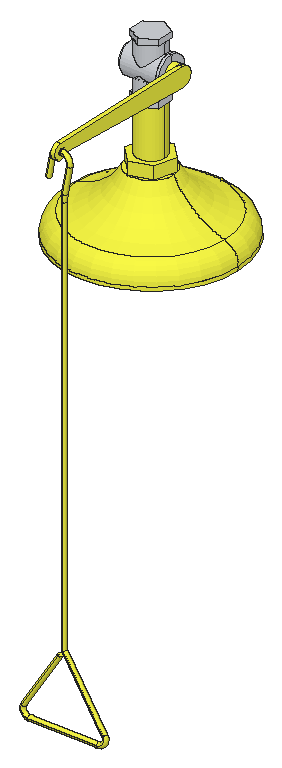
Revit family "1100", category Plumbing Fixtures, Revit 2015
Parameters (values of type "1100")
  URL = "www.arboles.co.uk"
  Service = "Potable water"
  Pressure = "1.5 - 8 Bar, Recommended 2Bar"
  Mounting = "Ceiling"
  Model = "1110"
  Materials = "Galvanised steel tube, ABS Bowl"
  Manufacturer = "Arboles UK Ltd, Tel: 01204 388814"
  Inlet = "1\" BSP Female"
  Flow = "110 Lts/Min"
  Description = "Ceiling mounting emegency drench shower"
  Colour = "Yellow RAL1016"
Reference planes
  plane 1 "Center (Front/Back)": y = 0
  plane 2: z = 0
  plane 3 "Center (Left/Right)": x = 0
Dimensions and locks
  aligned and locked: level to plane 2
Nested families
  nested 1: "1 Inch Valve A" at (0, 0, 0), type "1 Inch Valve A"
  nested 2: "1100 spaces" at (0, 0, -113.569), type "1100 spaces"
  nested 3: "Shower Bowl A" at (0, 0, -220.44), type "Shower Bowl A"
  nested 4: "Pull Arm" at (40, 0, 0), type "Pull Arm"
  nested 5: "Pull Lever" at (-17.157, -217.666, -741.638), type "Pull Lever"
Definition of nested family "1 Inch Valve A"
  Reference planes
    plane 1 "Center (Front/Back)": y = 0
    plane 2: z = 0
    plane 3 "Center (Left/Right)": x = 0
  Forms (mm)
    Revolve 1, solid
      sketch origin (0, 0, 0) x (1, 0, 0) y (0, 0, 1)
        loop
          line (0, 36) -> (0, -36.133) -> (20.5, -36.133) -> (20.5, 36) -> (0, 36)
        axis (0, 36) -> (0, -36.133)
      angle from 0 to 360
    Revolve 2, solid
      sketch origin (0, 0, 0) x (1, 0, 0) y (0, 0, 1)
        loop
          line (24.771, 21.5) -> (-27.219, 21.5) -> (-29.171, 18.121) -> (-31.415, 18.121) -> (-33, 0) -> (29.702, 0) -> (29.702, 22.493) -> (25.764, 22.493) -> (24.771, 21.5)
        axis (-33, 0) -> (29.702, 0)
      angle from 0 to 360
    Extrusion 3, solid
      sketch origin (0, 0, 36) x (1, 0, 0) y (0, 1, 0)
        loop
          line (0, 23.671) -> (-20.5, 11.836) -> (-20.5, -11.836) -> (0, -23.671) -> (20.5, -11.836) -> (20.5, 11.836) -> (0, 23.671)
      from 0 to 8
    Extrusion 4, solid
      sketch origin (0, 0, -36.133) x (1, 0, 0) y (0, -1, 0)
        loop
          line (-0.413, -23.668) -> (20.29, -12.192) -> (20.703, 11.476) -> (0.413, 23.668) -> (-20.29, 12.192) -> (-20.703, -11.476) -> (-0.413, -23.668)
      from 0 to 8
  Dimensions and locks
    aligned and locked: level to plane 2
Definition of nested family "1100 spaces"
  Reference planes
    plane 1 "Center (Front/Back)": y = 0
    plane 2: z = 0
    plane 3 "Center (Left/Right)": x = 0
  Forms (mm)
    Revolve 1, solid
      sketch origin (0, 0, 0) x (1, 0, 0) y (0, 0, 1)
        loop
          line (0, 0) -> (20, 0) -> (20, 70) -> (0, 70) -> (0, 0)
        axis (0, 70) -> (0, 0)
      angle from 0 to 360
  Dimensions and locks
    aligned and locked: level to plane 2
Definition of nested family "Shower Bowl A"
  Reference planes
    plane 1 "Center (Front/Back)": y = 0
    plane 2: z = 0
    plane 3 "Center (Left/Right)": x = 0
  Forms (mm)
    Revolve 1, solid
      sketch origin (0, 0, 0) x (1, 0, 0) y (0, 0, 1)
        loop
          line (125, 0) -> (125, 5)
          arc (125, 5) -> (119.843, 21.818) -> (106.145, 32.853) r 30
          arc (106.145, 32.853) -> (63.156, 53.215) -> (33, 90) r 108.557
          line (33, 90) -> (0, 90) -> (0, 35) -> (83.569, 35) -> (83.569, 37.34) -> (104.931, 30.399)
          arc (104.931, 30.399) -> (117.63, 17.568) -> (121.782, 0) r 33.348
          line (121.782, 0) -> (125, 0)
        axis (0, 90) -> (0, 0)
      angle from 0 to 360
    Extrusion 2, solid
      sketch origin (0, 0, 90) x (1, 0, 0) y (0, 1, 0)
        loop
          line (30.721, 8.232) -> (8.232, 30.721) -> (-22.489, 22.489) -> (-30.721, -8.232) -> (-8.232, -30.721) -> (22.489, -22.489) -> (30.721, 8.232)
      from 0 to 18
  Dimensions and locks
    aligned and locked: level to plane 2
Definition of nested family "Pull Arm"
  Reference planes
    plane 1 "Center (Front/Back)": y = 0
    plane 2: z = 0
    plane 3 "Center (Left/Right)": x = 0
  Forms (mm)
    Extrusion 1, solid
      sketch origin (0, 0, 0) x (0, 1, 0) y (0, 0, 1)
        loop
          line (0, 13.5) -> (-218, 10.501)
          arc (-218, 10.501) -> (-228.501, 0) -> (-218, -10.501) r 10.501
          arc (-218, -10.501) -> (-212.251, -8.788) -> (-208.378, -4.207) r 10.501
          line (-208.378, -4.207) -> (0, -13.5)
          arc (0, -13.5) -> (13.5, 0) -> (0, 13.5) r 13.5
      from 0 to 6
    Extrusion 2, solid
      sketch origin (0, 0, 0) x (0, -1, 0) y (0, 0, 1)
        loop
          circle (0, 0) r 13.5
      from 0 to 9
    Extrusion 3, void
      sketch origin (0, 0, 0) x (0, 1, 0) y (0, 0, 1)
        loop
          circle (-218, 0.003) r 5
      from 0 to 10
  Cuts and joins
    Extrusion 3 cuts Extrusion 1
  Dimensions and locks
    aligned and locked: level to plane 2
Definition of nested family "Pull Lever"
  Reference planes
    plane 1 "Center (Front/Back)": y = 0
    plane 2: z = 0
    plane 3 "Center (Left/Right)": x = 0
  Forms (mm)
    Sweep 1, solid
      path origin (0, 0, 0) x (1, 0, 0) y (0, 0, 1)
        loop
          line (62.633, 96.447) -> (10.031, 15.446)
          arc (10.031, 15.446) -> (9.63, 5.228) -> (18.418, 0) r 10
          line (18.418, 0) -> (116.683, 0)
          arc (116.683, 0) -> (125.46, 5.208) -> (125.095, 15.408) r 10
          line (125.095, 15.408) -> (67.5, 105) -> (67.5, 679.751)
          arc (67.5, 679.751) -> (67.728, 684.98) -> (68.412, 690.17) r 60
          line (68.412, 690.17) -> (74.987, 727.461)
          arc (74.987, 727.461) -> (73.018, 736.341) -> (65.347, 741.228) r 11.884
          line (65.347, 741.228) -> (64.227, 741.426)
          arc (64.227, 741.426) -> (55.276, 739.441) -> (50.35, 731.709) r 11.979
          line (50.35, 731.709) -> (45.485, 704.113)
      profile origin (67.551, 0, 0) x (0, 0, 1) y (0, -1, 0)
        loop
          circle (0, 0) r 3.25
  Dimensions and locks
    aligned and locked: level to plane 2
